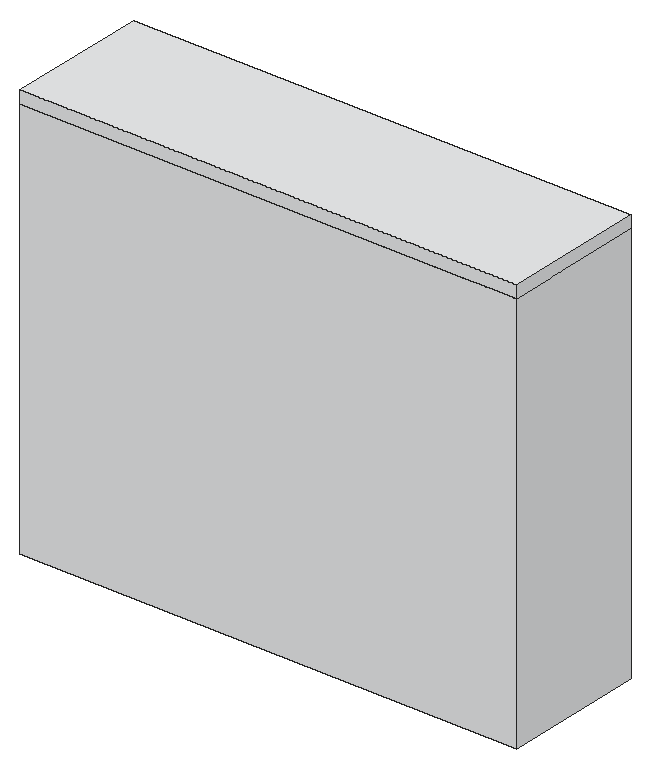
Revit family "Cocoon Media Space Straight High Surface", category Generic Models, Revit 2018
Family settings
  Can host rebar = No
  Round Connector Dimension = Use Diameter
  Part Type = Normal
  Work Plane-Based = No
  Always vertical = Yes
  Cut with Voids When Loaded = No
  Shared = No
  Room Calculation Point = No
Parameters
  Cocoon Surface = Cocoon Media Space Straight Surface
  Cocoon Frame = Cocoon Media Space Straight Frame
Reference planes (in)
  plane 1 "Center (Front/Back)": y = 0
  plane 2: z = 0
  plane 3 "Center (Left/Right)": x = 0
Forms (in)
  Extrusion 1, solid, material "Cocoon Media Space Straight Frame" <- "Cocoon Frame"
    sketch origin (30.49335, -56, 0) x (-1, 0, 0) y (0, -1, 0)
      loop
        line (7.24335, -53) -> (29.86835, -53) -> (29.86835, -58) -> (31.11835, -58) -> (31.11835, -53) -> (53.74335, -53) -> (53.74335, -63) -> (54.99335, -63) -> (54.99335, -49) -> (5.99335, -49) -> (5.99335, -63) -> (7.24335, -63) -> (7.24335, -53)
    from 0 to 39.75
  Extrusion 2, solid, material "Cocoon Media Space Straight Surface" <- "Cocoon Surface"
    sketch origin (30.49335, -56, 0) x (-1, 0, 0) y (0, -1, 0)
      loop
        line (5.99335, -63) -> (54.99335, -63) -> (54.99335, -49) -> (5.99335, -49) -> (5.99335, -63)
    from 39.75 to 41
Dimensions and locks (in)
  aligned and locked: plane 2 to level
